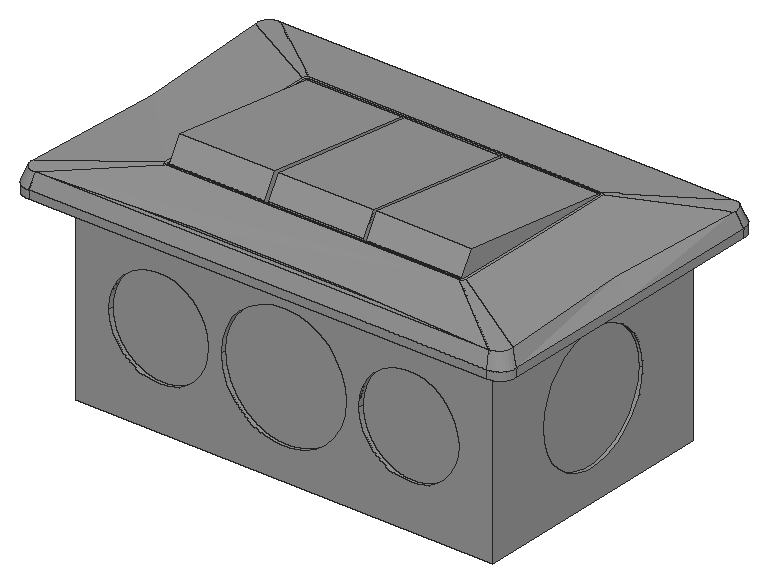
Revit family "PLACA VETO OSLO", category Electrical Fixtures, host Face, Revit 2023
Family settings
  Host = Face
  Round Connector Dimension = Use Diameter
  Part Type = Normal
  OmniClass Number = 23.80.00.00
  OmniClass Title = Electric Power and Lighting
  Cut with Voids When Loaded = No
  Maintain Annotation Orientation = Yes
  Shared = No
  Room Calculation Point = No
Parameters (values of type "Conmutador Triple")
  ZUMBADOR = Tipo = 13  # no
  URL = "https://vetoelectric.com/producto/conmutador-triple-no-neon-balancin-ancho-oslo/"
  Type Image = OSLO_INT_TRIPLE.jpg
  Type Comments = ""
  TVROT SIMB MEX [instance] = and(Tipo = 12, ROTAR SIMBOLO, SIMBOLOGIA_MEXICO, not(or(Multiseleccion, SIMBOLO ESPEJO)))  # no
  TVROT SIMB ECU [instance] = and(Tipo = 12, ROTAR SIMBOLO, SIMBOLOGIA_ECUADOR, not(or(Multiseleccion, SIMBOLO ESPEJO)))  # no
  TVROT SIMB COL [instance] = and(Tipo = 12, ROTAR SIMBOLO, SIMBOLOGIA_COLOMBIA, not(or(Multiseleccion, SIMBOLO ESPEJO)))  # no
  TVESP SIMB MEX [instance] = and(Tipo = 12, SIMBOLO ESPEJO, SIMBOLOGIA_MEXICO, not(or(Multiseleccion, ROTAR SIMBOLO)))  # no
  TVESP SIMB ECU [instance] = and(Tipo = 12, SIMBOLO ESPEJO, SIMBOLOGIA_ECUADOR, not(or(Multiseleccion, ROTAR SIMBOLO)))  # no
  TVESP SIMB COL [instance] = and(Tipo = 12, SIMBOLO ESPEJO, SIMBOLOGIA_COLOMBIA, not(or(Multiseleccion, ROTAR SIMBOLO)))  # no
  TV SIMB MEX [instance] = and(Tipo = 12, SIMBOLOGIA_MEXICO, not(or(Multiseleccion, ROTAR SIMBOLO, SIMBOLO ESPEJO)))  # no
  TV SIMB ECU [instance] = and(Tipo = 12, SIMBOLOGIA_ECUADOR, not(or(Multiseleccion, ROTAR SIMBOLO, SIMBOLO ESPEJO)))  # no
  TV SIMB COL [instance] = and(Tipo = 12, SIMBOLOGIA_COLOMBIA, not(or(Multiseleccion, ROTAR SIMBOLO, SIMBOLO ESPEJO)))  # no
  TV ROTESP SIMB MEX [instance] = and(Tipo = 12, ROTAR SIMBOLO, SIMBOLO ESPEJO, SIMBOLOGIA_MEXICO, not(Multiseleccion))  # no
  TV ROTESP SIMB ECU [instance] = and(Tipo = 12, ROTAR SIMBOLO, SIMBOLO ESPEJO, SIMBOLOGIA_ECUADOR, not(Multiseleccion))  # no
  TV ROTESP SIMB COL [instance] = and(Tipo = 12, ROTAR SIMBOLO, SIMBOLO ESPEJO, SIMBOLOGIA_COLOMBIA, not(Multiseleccion))  # no
  TV = Tipo = 12  # no
  TUBERIA 3/4" = 27 mm
  TUBERIA 1/2" = 21 mm
  TRIPLE = or(Tipo = 3, Tipo = 6)  # yes
  TOMAROT SIMB PARED MEX [instance] = and(Tipo = 8, ROTAR SIMBOLO, SIMBOLOGIA_MEXICO, not(or(Multiseleccion, TOMACORRIENTE EN PISO)))  # no
  TOMAROT SIMB PARED COL [instance] = and(or(Tipo = 8, Tipo = 9, Tipo = 10), ROTAR SIMBOLO, SIMBOLOGIA_COLOMBIA, not(or(Multiseleccion, TOMACORRIENTE EN PISO)))  # no
  TOMAROT GFCI SIMB PARED MEX [instance] = and(Tipo = 9, ROTAR SIMBOLO, SIMBOLOGIA_MEXICO, not(or(Multiseleccion, TOMACORRIENTE EN PISO)))  # no
  TOMACORRIENTE EN PISO [instance] = no
  TOMA SIMB PISO MEX [instance] = and(or(Tipo = 8, Tipo = 9), TOMACORRIENTE EN PISO, SIMBOLOGIA_MEXICO, not(Multiseleccion))  # no
  TOMA SIMB PISO [instance] = and(or(Tipo = 8, Tipo = 9), TOMACORRIENTE EN PISO, or(SIMBOLOGIA_COLOMBIA, SIMBOLOGIA_ECUADOR), not(Multiseleccion))  # no
  TOMA SIMB PARED MEX [instance] = and(Tipo = 8, SIMBOLOGIA_MEXICO, not(or(Multiseleccion, TOMACORRIENTE EN PISO, ROTAR SIMBOLO)))  # no
  TOMA SIMB PARED ECU [instance] = and(or(Tipo = 8, Tipo = 9, Tipo = 10), SIMBOLOGIA_ECUADOR, not(or(Multiseleccion, TOMACORRIENTE EN PISO, ROTAR SIMBOLO)))  # no
  TOMA SIMB PARED COL [instance] = and(or(Tipo = 8, Tipo = 9, Tipo = 10), SIMBOLOGIA_COLOMBIA, not(or(Multiseleccion, TOMACORRIENTE EN PISO, ROTAR SIMBOLO)))  # no
  TOMA MIXTO SIMB PARED MEX [instance] = and(Tipo = 10, SIMBOLOGIA_MEXICO, not(or(Multiseleccion, TOMACORRIENTE EN PISO, ROTAR SIMBOLO)))  # no
  TOMA GFCI SIMB PARED MEX [instance] = and(Tipo = 9, SIMBOLOGIA_MEXICO, not(or(Multiseleccion, TOMACORRIENTE EN PISO, ROTAR SIMBOLO)))  # no
  TOMA GFCI = Tipo = 9  # no
  TOMA DOBLE = Tipo = 8  # no
  TELFROT SIMB ECU [instance] = and(Tipo = 11, ROTAR SIMBOLO, SIMBOLOGIA_ECUADOR, not(or(Multiseleccion, SIMBOLO ESPEJO)))  # no
  TELFROT SIMB COL [instance] = and(Tipo = 11, ROTAR SIMBOLO, SIMBOLOGIA_COLOMBIA, not(or(Multiseleccion, SIMBOLO ESPEJO)))  # no
  TELF SIMB MEX [instance] = and(Tipo = 11, SIMBOLOGIA_MEXICO, not(or(Multiseleccion, ROTAR SIMBOLO)))  # no
  TELF SIMB ECU [instance] = and(Tipo = 11, SIMBOLOGIA_ECUADOR, not(or(Multiseleccion, ROTAR SIMBOLO, SIMBOLO ESPEJO)))  # no
  TELF SIMB COL [instance] = and(Tipo = 11, SIMBOLOGIA_COLOMBIA, not(or(Multiseleccion, ROTAR SIMBOLO, SIMBOLO ESPEJO)))  # no
  TELF ROTESP SIMB ECU [instance] = and(Tipo = 11, ROTAR SIMBOLO, SIMBOLO ESPEJO, SIMBOLOGIA_ECUADOR, not(Multiseleccion))  # no
  TELF ROTESP SIMB COL [instance] = and(Tipo = 11, ROTAR SIMBOLO, SIMBOLO ESPEJO, SIMBOLOGIA_COLOMBIA, not(Multiseleccion))  # no
  TELF ESP SIMB COL [instance] = and(Tipo = 11, SIMBOLO ESPEJO, SIMBOLOGIA_COLOMBIA, not(or(Multiseleccion, ROTAR SIMBOLO)))  # no
  TELEFONO = Tipo = 11  # no
  TEL ESP SIMB ECU [instance] = and(Tipo = 11, SIMBOLO ESPEJO, SIMBOLOGIA_ECUADOR, not(or(Multiseleccion, ROTAR SIMBOLO)))  # no
  SIMBOLO ESPEJO [instance] = no
  SIMB CAJA MEX [instance] = and(Tipo = 14, SIMBOLOGIA_MEXICO, not(Multiseleccion))  # no
  SIMB CAJA [instance] = and(Tipo = 14, or(SIMBOLOGIA_COLOMBIA, SIMBOLOGIA_ECUADOR), not(Multiseleccion))  # no
  SERIE = "OSLO"
  RADIO_4 = 3.0 mm
  RADIO_3 = 0.5 mm
  PLACA PERFORADA = not(Tipo = 14)  # yes
  PLACA MIXTA TOMA = Tipo = 10  # no
  PLACA MIXTA INT = or(Tipo = 10, Tipo = 2, Tipo = 5)  # no
  PLACA CIEGA = Tipo = 14  # no
  ONMICLASS = "23.35.37.00"
  OFFSET_3 = 2.5 mm
  OFFSET_1 = 1.0 mm
  MARCA = "VETO"
  Keynote = "EMPOTRABLE"
  Instrucciones = "Seleccione normativa de un país; solo símbolos con letras pueden rotarse en planta y espejo en vista lateral o corte; tomacorrientes doble y GFCI permiten “en piso”; si no se cumplen reglas no aparecen en detalle bajo; cada subfamilia compartida tiene su puerto eléctrico y permite por ejemplo que la placa de tres interruptores tenga tres ID de interruptor (usar TAB para seleccionar); puertos conduit Ø21=½” y Ø27=¾”; en listados use “INCLUIR EN LISTADO” para filtrar elementos no deseados. Los símbolos son hechos con componente de detalle y no cambian su escala con la escala de la vista. Si se desea escalarlos se lo debe hacer dentro de la subfamilia."
  INT SIMB MIXTO ECU [instance] = and(Tipo = 10, SIMBOLOGIA_ECUADOR, not(Multiseleccion))  # no
  ESPESOR_2 = 3.5 mm
  ESPESOR_1 = 2.0 mm
  CONECTOR SIMPLE = or(Tipo = 1, Tipo = 4, Tipo = 7, Tipo = 14)  # no
  CON CAJETIN [instance] = yes
  SIMPLE = or(Tipo = 1, Tipo = 4, Tipo = 7)  # no
  SIMBOLOGIA_MEXICO = no
  SIMB TIMBRE MEX [instance] = and(Tipo = 7, SIMBOLOGIA_MEXICO, not(Multiseleccion))  # no
  ROTAR SIMBOLO [instance] = no
  INT SIMB TRIPLE MEX [instance] = and(or(Tipo = 3, Tipo = 10), SIMBOLOGIA_MEXICO, not(Multiseleccion))  # no
  INT SIMB TRIPLE ECU [instance] = and(Tipo = 3, SIMBOLOGIA_ECUADOR, not(Multiseleccion))  # no
  INT SIMB TRIPLE COL [instance] = and(or(Tipo = 3, Tipo = 10), SIMBOLOGIA_COLOMBIA, not(Multiseleccion))  # no
  SIMB TIMBRE [instance] = and(Tipo = 7, or(SIMBOLOGIA_ECUADOR, SIMBOLOGIA_COLOMBIA), not(Multiseleccion))  # no
  INT SIMB SIMPLE MEX [instance] = and(or(Tipo = 1, Tipo = 2, Tipo = 3), SIMBOLOGIA_MEXICO, not(Multiseleccion))  # no
  INT SIMB SIMPLE ECU [instance] = and(Tipo = 1, SIMBOLOGIA_ECUADOR, not(Multiseleccion))  # no
  INT SIMB SIMPLE COL [instance] = and(or(Tipo = 1, Tipo = 2, Tipo = 3), SIMBOLOGIA_COLOMBIA, not(Multiseleccion))  # no
  INT SIMB DOBLE MEX [instance] = and(or(Tipo = 2, Tipo = 3), SIMBOLOGIA_MEXICO, not(Multiseleccion))  # no
  INT SIMB DOBLE ECU [instance] = and(Tipo = 2, SIMBOLOGIA_ECUADOR, not(Multiseleccion))  # no
  INT SIMB DOBLE COL [instance] = and(or(Tipo = 2, Tipo = 3), SIMBOLOGIA_COLOMBIA, not(Multiseleccion))  # no
  SEP = 30.0 mm
  R_C_3/4 = 15.0 mm
  R_C_1/2 = 12.0 mm
  RADIO_1 = 4.0 mm
  RADIO_2 = 0.8 mm
  OFFSET = 0.5 mm
  Multiseleccion = or(and(SIMBOLOGIA_COLOMBIA, SIMBOLOGIA_ECUADOR), and(SIMBOLOGIA_MEXICO, SIMBOLOGIA_ECUADOR), and(SIMBOLOGIA_COLOMBIA, SIMBOLOGIA_MEXICO))  # no
  Model = "PLACA CONMUTADOR TRIPLE"
  Manufacturer = "KIEME"
  MATERIAL_1 = LATON
  MATERIAL_2 = TERMOPOLIMERO BLANCO
  PLACA - LONGITUD = 118.0 mm
  SIMBOLOGIA_ECUADOR = no
  SIMBOLOGIA_COLOMBIA = yes
  Description = ""
  COM SIMB TRIPLE MEX [instance] = and(Tipo = 6, SIMBOLOGIA_MEXICO, not(Multiseleccion))  # no
  COM SIMB TRIPLE ECU [instance] = and(Tipo = 6, SIMBOLOGIA_ECUADOR, not(Multiseleccion))  # no
  COM SIMB TRIPLE COL [instance] = and(Tipo = 6, SIMBOLOGIA_COLOMBIA, not(Multiseleccion))  # yes
  COM SIMB SIMPLE MEX [instance] = and(or(Tipo = 4, Tipo = 5, Tipo = 6), SIMBOLOGIA_MEXICO, not(Multiseleccion))  # no
  COM SIMB SIMPLE ECU [instance] = and(Tipo = 4, SIMBOLOGIA_ECUADOR, not(Multiseleccion))  # no
  COM SIMB SIMPLE COL [instance] = and(or(Tipo = 4, Tipo = 5, Tipo = 6), SIMBOLOGIA_COLOMBIA, not(Multiseleccion))  # yes
  COM SIMB DOBLE MEX [instance] = and(or(Tipo = 5, Tipo = 6), SIMBOLOGIA_MEXICO, not(Multiseleccion))  # no
  COM SIMB DOBLE ECU [instance] = and(Tipo = 5, SIMBOLOGIA_ECUADOR, not(Multiseleccion))  # no
  COM SIMB DOBLE COL [instance] = and(or(Tipo = 5, Tipo = 6), SIMBOLOGIA_COLOMBIA, not(Multiseleccion))  # yes
  COLOR = "BLANCO"
  CAJETIN - PROFUNDIDAD [instance] = 45.0 mm
  CAJETIN - LONGITUD [instance] = 100.0 mm
  CAJETIN - ANCHO [instance] = 60.0 mm
  ABERTURA - LONGITUD = 71.0 mm
  Tipo = 6
  PLACA - ESPESOR = 7.0 mm
  CAJETIN - ESPESOR = 2.0 mm
  Default Elevation = 1200.0 mm
  DOBLE = or(Tipo = 2, Tipo = 5)  # no
  PLACA - ANCHO = 76.0 mm
  ABERTURA - ANCHO = 42.0 mm
Reference planes
  plane 1 "Center (Front/Back)": y = 0
  plane 2: z = 0
  plane 3 "Center (Left/Right)": x = 0
  plane 4: x = -50
  plane 5: x = 50
  plane 6: y = -30
  plane 7: y = 30
  plane 8: z = -45
  plane 9: y = 28
  plane 10: x = 48
  plane 11: x = -48
  plane 12: y = -28
  plane 13: z = -43
  plane 14: y = -29
  plane 15: x = 2.751
  plane 16: z = -22.5
  plane 17: x = 49
  plane 18: x = -49
  plane 19: y = 29
  plane 20: z = -44
  plane 21: x = -59
  plane 22: x = 59
  plane 23: y = 38
  plane 24: y = -38
  plane 25: z = 2
  plane 26: y = 37
  plane 27: x = 58
  plane 28: x = -58
  plane 29: y = -37
  plane 30 "PLANO 1": z = 5.5
  plane 31: y = 21
  plane 32: y = -21
  plane 33: x = 35.5
  plane 34: x = -35.5
  plane 35: y = 21.5
  plane 36: y = -21.5
  plane 37: through (0, -35, 8) normal (0, -0.8944, 0.4472)
  plane 38: through (0, 35, 8) normal (0, -0.8944, -0.4472)
  plane 39: x = -36
  plane 40: x = 36
  plane 41: z = 7
  plane 42: x = -30
  plane 43: x = 30
  plane 44: x = 35
  plane 45: x = -35
  plane 46 "Plano2": x = 279
  plane 47 "Plano3": x = -279
  plane 48: z = 155.811
  plane 49: y = -218
  plane 50: y = 218
  plane 51: through (0, 0, 108) normal (0, 0.6428, -0.766)
  plane 52: x = 419
  plane 53: y = -418
  plane 54: y = 418
  plane 55: x = -419
  plane 56: through (0, 0, 108) normal (0, -0.766, -0.6428)
Forms (mm)
  Extrusion 1, solid, material "LATON" <- "MATERIAL_1", visible <- "CON CAJETIN", detail levels medium+fine
    sketch origin (30, 0, 0) x (1, 0, 0) y (0, 1, 0)
      loop
        line (-80, 30) -> (-80, -30) -> (20, -30) -> (20, 30) -> (-80, 30)
    from 0 to -45
  Extrusion 2, void
    sketch origin (2.751, 0, 0) x (1, 0, 0) y (0, 0, 1)
      loop
        circle (-2.751, -22.5) r 15
      loop
        circle (27.249, -22.5) r 12
      loop
        circle (-32.751, -22.5) r 12
    from 29 to 30
  Extrusion 3, void
    sketch origin (2.751, 0, 0) x (1, 0, 0) y (0, 0, -1)
      loop
        circle (-2.751, 22.5) r 15
      loop
        circle (27.249, 22.5) r 12
      loop
        circle (-32.751, 22.5) r 12
    from 29 to 30
  Extrusion 4, void
    sketch origin (0, 0, 0) x (1, 0, 0) y (0, 1, 0)
      loop
        line (-48, 28) -> (-48, -28) -> (48, -28) -> (48, 28) -> (-48, 28)
    from -43 to 0
  Extrusion 5, void
    sketch origin (0, 0, 0) x (0, 1, 0) y (0, 0, 1)
      loop
        circle (0, -22.5) r 15
    from 49 to 50
  Extrusion 6, void
    sketch origin (0, 0, 0) x (0, 1, 0) y (0, 0, -1)
      loop
        circle (0, 22.5) r 15
    from 49 to 50
  Extrusion 7, solid, material "TERMOPOLIMERO BLANCO" <- "MATERIAL_2", visible <- "PLACA PERFORADA", detail levels medium+fine
    sketch origin (0, 0, 0) x (1, 0, 0) y (0, 1, 0)
      loop
        arc (-55, 38) -> (-57.828, 36.828) -> (-59, 34) r 4
        line (-59, 34) -> (-59, -34)
        arc (-59, -34) -> (-57.828, -36.828) -> (-55, -38) r 4
        line (-55, -38) -> (55, -38)
        arc (55, -38) -> (57.828, -36.828) -> (59, -34) r 4
        line (59, -34) -> (59, 34)
        arc (59, 34) -> (57.828, 36.828) -> (55, 38) r 4
        line (55, 38) -> (-55, 38)
    from 0 to 2
  Blend 8, solid, material "TERMOPOLIMERO BLANCO" <- "MATERIAL_2", visible <- "PLACA PERFORADA", detail levels medium+fine
    base sketch origin (0, 0, 14.876) x (1, 0, 0) y (0, 1, 0)
      loop
        arc (-55, 38) -> (-57.828, 36.828) -> (-59, 34) r 4
        line (-59, 34) -> (-59, -34)
        arc (-59, -34) -> (-57.828, -36.828) -> (-55, -38) r 4
        line (-55, -38) -> (55, -38)
        arc (55, -38) -> (57.828, -36.828) -> (59, -34) r 4
        line (59, -34) -> (59, 34)
        arc (59, 34) -> (57.828, 36.828) -> (55, 38) r 4
        line (55, 38) -> (-55, 38)
    top sketch origin (0, 0, 0) x (1, 0, 0) y (0, 1, 0)
      loop
        arc (54.308, 36.691) -> (0, 34.5) -> (-54.308, 36.691) r 674.05
        arc (-54.308, 36.691) -> (-56.714, 35.779) -> (-57.528, 33.338) r 3
        arc (-57.528, 33.338) -> (-55.5, 0) -> (-57.528, -33.338) r 275.05
        arc (-57.528, -33.338) -> (-56.714, -35.779) -> (-54.308, -36.691) r 3
        arc (-54.308, -36.691) -> (0, -34.5) -> (54.308, -36.691) r 674.05
        arc (54.308, -36.691) -> (56.714, -35.779) -> (57.528, -33.338) r 3
        arc (57.528, -33.338) -> (55.5, 0) -> (57.528, 33.338) r 275.05
        arc (57.528, 33.338) -> (56.714, 35.779) -> (54.308, 36.691) r 3
    from -12.876 to 5.5
  Extrusion 9, void
    sketch origin (0, 0, 0) x (1, 0, 0) y (0, 1, 0)
      loop
        arc (-35, 21) -> (-35.354, 20.854) -> (-35.5, 20.5) r 0.5
        line (-35.5, 20.5) -> (-35.5, -20.5)
        arc (-35.5, -20.5) -> (-35.354, -20.854) -> (-35, -21) r 0.5
        line (-35, -21) -> (35, -21)
        arc (35, -21) -> (35.354, -20.854) -> (35.5, -20.5) r 0.5
        line (35.5, -20.5) -> (35.5, 20.5)
        arc (35.5, 20.5) -> (35.354, 20.854) -> (35, 21) r 0.5
        line (35, 21) -> (-35, 21)
    from 0 to 7
  Extrusion 10, void
    sketch origin (0, 0, 0) x (1, 0, 0) y (0, 1, 0)
      loop
        circle (0, 0) r 13.5
      loop
        circle (-30, 0) r 10.5
      loop
        circle (30, 0) r 10.5
    from -45 to -44
  Blend 11, solid, material "TERMOPOLIMERO BLANCO" <- "MATERIAL_2", visible <- "PLACA PERFORADA", detail levels medium+fine
    base sketch origin (0, 0, 5.5) x (1, 0, 0) y (0, 1, 0)
      loop
        arc (-54.308, 36.691) -> (-56.714, 35.779) -> (-57.528, 33.338) r 3
        arc (-57.528, 33.338) -> (-55.5, 0) -> (-57.528, -33.338) r 275.05
        arc (-57.528, -33.338) -> (-56.714, -35.779) -> (-54.308, -36.691) r 3
        arc (-54.308, -36.691) -> (0, -34.5) -> (54.308, -36.691) r 674.05
        arc (54.308, -36.691) -> (56.714, -35.779) -> (57.528, -33.338) r 3
        arc (57.528, -33.338) -> (55.5, 0) -> (57.528, 33.338) r 275.05
        arc (57.528, 33.338) -> (56.714, 35.779) -> (54.308, 36.691) r 3
        arc (54.308, 36.691) -> (0, 34.5) -> (-54.308, 36.691) r 674.05
    top sketch origin (0, 0, 5.5) x (1, 0, 0) y (0, 1, 0)
      loop
        arc (-35.2, 21.5) -> (-35.766, 21.266) -> (-36, 20.7) r 0.8
        line (-36, 20.7) -> (-36, -20.7)
        arc (-36, -20.7) -> (-35.766, -21.266) -> (-35.2, -21.5) r 0.8
        line (-35.2, -21.5) -> (35.2, -21.5)
        arc (35.2, -21.5) -> (35.766, -21.266) -> (36, -20.7) r 0.8
        line (36, -20.7) -> (36, 20.7)
        arc (36, 20.7) -> (35.766, 21.266) -> (35.2, 21.5) r 0.8
        line (35.2, 21.5) -> (-35.2, 21.5)
    from 0 to 1.5
  Extrusion 12, solid, material "TERMOPOLIMERO BLANCO" <- "MATERIAL_2", visible <- "PLACA CIEGA", detail levels medium+fine
    sketch origin (0, 0, 0) x (1, 0, 0) y (0, 1, 0)
      loop
        arc (-55, 38) -> (-57.828, 36.828) -> (-59, 34) r 4
        line (-59, 34) -> (-59, -34)
        arc (-59, -34) -> (-57.828, -36.828) -> (-55, -38) r 4
        line (-55, -38) -> (55, -38)
        arc (55, -38) -> (57.828, -36.828) -> (59, -34) r 4
        line (59, -34) -> (59, 34)
        arc (59, 34) -> (57.828, 36.828) -> (55, 38) r 4
        line (55, 38) -> (-55, 38)
    from 0 to 2
  Blend 13, solid, material "TERMOPOLIMERO BLANCO" <- "MATERIAL_2", visible <- "PLACA CIEGA", detail levels medium+fine
    base sketch origin (0, 0, 14.876) x (1, 0, 0) y (0, 1, 0)
      loop
        arc (-55, 38) -> (-57.828, 36.828) -> (-59, 34) r 4
        line (-59, 34) -> (-59, -34)
        arc (-59, -34) -> (-57.828, -36.828) -> (-55, -38) r 4
        line (-55, -38) -> (55, -38)
        arc (55, -38) -> (57.828, -36.828) -> (59, -34) r 4
        line (59, -34) -> (59, 34)
        arc (59, 34) -> (57.828, 36.828) -> (55, 38) r 4
        line (55, 38) -> (-55, 38)
    top sketch origin (0, 0, 0) x (1, 0, 0) y (0, 1, 0)
      loop
        arc (54.308, 36.691) -> (0, 34.5) -> (-54.308, 36.691) r 674.05
        arc (-54.308, 36.691) -> (-56.714, 35.779) -> (-57.528, 33.338) r 3
        arc (-57.528, 33.338) -> (-55.5, 0) -> (-57.528, -33.338) r 275.05
        arc (-57.528, -33.338) -> (-56.714, -35.779) -> (-54.308, -36.691) r 3
        arc (-54.308, -36.691) -> (0, -34.5) -> (54.308, -36.691) r 674.05
        arc (54.308, -36.691) -> (56.714, -35.779) -> (57.528, -33.338) r 3
        arc (57.528, -33.338) -> (55.5, 0) -> (57.528, 33.338) r 275.05
        arc (57.528, 33.338) -> (56.714, 35.779) -> (54.308, 36.691) r 3
    from -12.876 to 5.5
  Blend 14, solid, material "TERMOPOLIMERO BLANCO" <- "MATERIAL_2", visible <- "PLACA CIEGA", detail levels medium+fine
    base sketch origin (0, 0, 5.5) x (1, 0, 0) y (0, 1, 0)
      loop
        arc (-54.308, 36.691) -> (-56.714, 35.779) -> (-57.528, 33.338) r 3
        arc (-57.528, 33.338) -> (-55.5, 0) -> (-57.528, -33.338) r 275.05
        arc (-57.528, -33.338) -> (-56.714, -35.779) -> (-54.308, -36.691) r 3
        arc (-54.308, -36.691) -> (0, -34.5) -> (54.308, -36.691) r 674.05
        arc (54.308, -36.691) -> (56.714, -35.779) -> (57.528, -33.338) r 3
        arc (57.528, -33.338) -> (55.5, 0) -> (57.528, 33.338) r 275.05
        arc (57.528, 33.338) -> (56.714, 35.779) -> (54.308, 36.691) r 3
        arc (54.308, 36.691) -> (0, 34.5) -> (-54.308, 36.691) r 674.05
    top sketch origin (0, 0, 5.5) x (1, 0, 0) y (0, 1, 0)
      loop
        arc (-35.2, 21.5) -> (-35.766, 21.266) -> (-36, 20.7) r 0.8
        line (-36, 20.7) -> (-36, -20.7)
        arc (-36, -20.7) -> (-35.766, -21.266) -> (-35.2, -21.5) r 0.8
        line (-35.2, -21.5) -> (35.2, -21.5)
        arc (35.2, -21.5) -> (35.766, -21.266) -> (36, -20.7) r 0.8
        line (36, -20.7) -> (36, 20.7)
        arc (36, 20.7) -> (35.766, 21.266) -> (35.2, 21.5) r 0.8
        line (35.2, 21.5) -> (-35.2, 21.5)
    from 0 to 1.5
Cuts and joins
  Extrusion 2, Extrusion 3, Extrusion 4, Extrusion 5, Extrusion 6, Extrusion 10 cuts Extrusion 1
  Extrusion 9 cuts Extrusion 7
  Extrusion 9 cuts Blend 8
  Extrusion 9 cuts Blend 11
  joined: Extrusion 7, Blend 8, Blend 11
  Extrusion 9 cuts Extrusion 12
  joined: Extrusion 12, Blend 13, Blend 14
Lines and regions (mm)
  model lines, visible <- "COM SIMB SIMPLE COL", detail levels coarse
    curve 1: circle (0, 0, 158) r 100 normal (1, 0, 0)
    curve 16: line (0, 147.916, 475.208) -> (0, 190.343, 432.781)
    curve 17: line (0, -147.916, 475.208) -> (0, -190.343, 432.781)
    curve 19: line (0, -147.916, 475.208) -> (0, -42.262, 248.631)
    curve 26: line (0, 42.262, 248.631) -> (0, 147.916, 475.208)
  model lines, visible <- "INT SIMB DOBLE ECU", detail levels coarse
    curve 2: line (0, 147.916, 475.208) -> (0, 93.538, 500.565)
    curve 3: line (0, 126.785, 429.892) -> (0, 72.407, 455.249)
    curve 202: circle (0, 0, 158) r 100 normal (1, 0, 0)
    curve 211: line (0, 147.916, 475.208) -> (0, 42.262, 248.631)
  model lines, visible <- "COM SIMB TRIPLE ECU", detail levels coarse
    curve 4: line (0, 105.655, 384.577) -> (0, 51.276, 409.934)
    curve 12: line (0, 338.074, 248.587) -> (0, 353.603, 190.631)
    curve 14: line (0, 289.778, 235.646) -> (0, 305.307, 177.69)
    curve 15: line (0, 241.481, 222.705) -> (0, 257.011, 164.749)
    curve 22: line (0, 42.262, 248.631) -> (0, 147.916, 475.208)
    curve 25: line (0, 96.593, 183.882) -> (0, 338.074, 248.587)
    curve 206: circle (0, 0, 158) r 100 normal (1, 0, 0)
    curve 207: line (0, 72.407, 455.249) -> (0, 126.785, 429.892)
    curve 209: line (0, 93.538, 500.565) -> (0, 147.916, 475.208)
  model lines, visible <- "INT SIMB SIMPLE ECU", detail levels coarse
    curve 5: line (0, 147.916, 475.208) -> (0, 93.538, 500.565)
    curve 18: line (0, 147.916, 475.208) -> (0, 42.262, 248.631)
    curve 203: circle (0, 0, 158) r 100 normal (1, 0, 0)
  model lines, visible <- "COM SIMB DOBLE ECU", detail levels coarse
    curve 6: line (0, 126.785, 429.892) -> (0, 72.407, 455.249)
    curve 11: line (0, 338.074, 248.587) -> (0, 353.603, 190.631)
    curve 13: line (0, 289.778, 235.646) -> (0, 305.307, 177.69)
    curve 21: line (0, 42.262, 248.631) -> (0, 147.916, 475.208)
    curve 24: line (0, 96.593, 183.882) -> (0, 338.074, 248.587)
    curve 205: circle (0, 0, 158) r 100 normal (1, 0, 0)
    curve 208: line (0, 93.538, 500.565) -> (0, 147.916, 475.208)
  model lines, visible <- "COM SIMB SIMPLE ECU", detail levels coarse
    curve 7: line (0, 147.916, 475.208) -> (0, 93.538, 500.565)
    curve 10: line (0, 338.074, 248.587) -> (0, 353.603, 190.631)
    curve 20: line (0, 42.262, 248.631) -> (0, 147.916, 475.208)
    curve 23: line (0, 96.593, 183.882) -> (0, 338.074, 248.587)
    curve 204: circle (0, 0, 158) r 100 normal (1, 0, 0)
  model lines, visible <- "COM SIMB DOBLE COL", detail levels coarse
    curve 8: circle (279, 0, 158) r 100 normal (1, 0, 0)
    curve 51: line (279, 42.262, 248.631) -> (279, 147.916, 475.208)
    curve 52: line (279, 190.343, 432.781) -> (279, 147.916, 475.208)
    curve 53: line (279, -42.262, 248.631) -> (279, -147.916, 475.208)
    curve 54: line (279, -190.343, 432.781) -> (279, -147.916, 475.208)
  model lines, visible <- "INT SIMB TRIPLE COL", detail levels coarse
    curve 9: circle (-279, 0, 158) r 100 normal (1, 0, 0)
    curve 64: line (-279, 42.262, 248.631) -> (-279, 147.916, 475.208)
  model lines, visible <- "COM SIMB SIMPLE COL", not visible, detail levels coarse
    curve 27: circle (0, 0, 108) r 100 normal (1, 0, 0)
    curve 40: line (0, 147.916, 425.208) -> (0, 190.343, 382.781)
    curve 41: line (0, -147.916, 425.208) -> (0, -190.343, 382.781)
    curve 43: line (0, -147.916, 425.208) -> (0, -42.262, 198.631)
    curve 50: line (0, 42.262, 198.631) -> (0, 147.916, 425.208)
  model lines, visible <- "INT SIMB DOBLE ECU", not visible, detail levels coarse
    curve 28: line (0, 147.916, 425.208) -> (0, 93.538, 450.565)
    curve 29: line (0, 126.785, 379.892) -> (0, 72.407, 405.249)
    curve 218: circle (0, 0, 108) r 100 normal (1, 0, 0)
    curve 227: line (0, 147.916, 425.208) -> (0, 42.262, 198.631)
  model lines, visible <- "COM SIMB TRIPLE ECU", not visible, detail levels coarse
    curve 30: line (0, 105.655, 334.577) -> (0, 51.276, 359.934)
    curve 36: line (0, 338.074, 198.587) -> (0, 353.603, 140.631)
    curve 38: line (0, 289.778, 185.646) -> (0, 305.307, 127.69)
    curve 39: line (0, 241.481, 172.705) -> (0, 257.011, 114.749)
    curve 46: line (0, 42.262, 198.631) -> (0, 147.916, 425.208)
    curve 49: line (0, 96.593, 133.882) -> (0, 338.074, 198.587)
    curve 222: circle (0, 0, 108) r 100 normal (1, 0, 0)
    curve 223: line (0, 72.407, 405.249) -> (0, 126.785, 379.892)
    curve 225: line (0, 93.538, 450.565) -> (0, 147.916, 425.208)
  model lines, visible <- "INT SIMB SIMPLE ECU", not visible, detail levels coarse
    curve 31: line (0, 147.916, 425.208) -> (0, 93.538, 450.565)
    curve 42: line (0, 147.916, 425.208) -> (0, 42.262, 198.631)
    curve 219: circle (0, 0, 108) r 100 normal (1, 0, 0)
  model lines, visible <- "COM SIMB DOBLE ECU", not visible, detail levels coarse
    curve 32: line (0, 126.785, 379.892) -> (0, 72.407, 405.249)
    curve 35: line (0, 338.074, 198.587) -> (0, 353.603, 140.631)
    curve 37: line (0, 289.778, 185.646) -> (0, 305.307, 127.69)
    curve 45: line (0, 42.262, 198.631) -> (0, 147.916, 425.208)
    curve 48: line (0, 96.593, 133.882) -> (0, 338.074, 198.587)
    curve 221: circle (0, 0, 108) r 100 normal (1, 0, 0)
    curve 224: line (0, 93.538, 450.565) -> (0, 147.916, 425.208)
  model lines, visible <- "COM SIMB SIMPLE ECU", not visible, detail levels coarse
    curve 33: line (0, 147.916, 425.208) -> (0, 93.538, 450.565)
    curve 34: line (0, 338.074, 198.587) -> (0, 353.603, 140.631)
    curve 44: line (0, 42.262, 198.631) -> (0, 147.916, 425.208)
    curve 47: line (0, 96.593, 133.882) -> (0, 338.074, 198.587)
    curve 220: circle (0, 0, 108) r 100 normal (1, 0, 0)
  model lines, visible <- "INT SIMB DOBLE COL", detail levels coarse
    curve 55: line (279, 42.262, 248.631) -> (279, 147.916, 475.208)
    curve 56: circle (279, 0, 158) r 100 normal (1, 0, 0)
  model lines, visible <- "COM SIMB DOBLE COL", not visible, detail levels coarse
    curve 57: circle (279, 0, 108) r 100 normal (1, 0, 0)
    curve 58: line (279, 42.262, 198.631) -> (279, 147.916, 425.208)
    curve 59: line (279, 190.343, 382.781) -> (279, 147.916, 425.208)
    curve 60: line (279, -42.262, 198.631) -> (279, -147.916, 425.208)
    curve 61: line (279, -190.343, 382.781) -> (279, -147.916, 425.208)
  model lines, visible <- "INT SIMB DOBLE COL", not visible, detail levels coarse
    curve 62: line (279, 42.262, 198.631) -> (279, 147.916, 425.208)
    curve 63: circle (279, 0, 108) r 100 normal (1, 0, 0)
  model lines, visible <- "COM SIMB TRIPLE COL", detail levels coarse
    curve 65: line (-279, 42.262, 248.631) -> (-279, 147.916, 475.208)
    curve 66: line (-279, 190.343, 432.781) -> (-279, 147.916, 475.208)
    curve 67: line (-279, -42.262, 248.631) -> (-279, -147.916, 475.208)
    curve 68: line (-279, -190.343, 432.781) -> (-279, -147.916, 475.208)
    curve 69: circle (-279, 0, 158) r 100 normal (1, 0, 0)
  model lines, visible <- "INT SIMB TRIPLE COL", not visible, detail levels coarse
    curve 70: circle (-279, 0, 108) r 100 normal (1, 0, 0)
    curve 71: line (-279, 42.262, 198.631) -> (-279, 147.916, 425.208)
  model lines, visible <- "COM SIMB TRIPLE COL", not visible, detail levels coarse
    curve 72: line (-279, 42.262, 198.631) -> (-279, 147.916, 425.208)
    curve 73: line (-279, 190.343, 382.781) -> (-279, 147.916, 425.208)
    curve 74: line (-279, -42.262, 198.631) -> (-279, -147.916, 425.208)
    curve 75: line (-279, -190.343, 382.781) -> (-279, -147.916, 425.208)
    curve 76: circle (-279, 0, 108) r 100 normal (1, 0, 0)
  model lines, visible <- "SIMB TIMBRE", detail levels coarse
    curve 77: circle (0, 0, 158) r 50 normal (1, 0, 0)
    curve 236: circle (0, 0, 158) r 100 normal (1, 0, 0)
  model lines, visible <- "INT SIMB TRIPLE MEX", detail levels coarse
    curve 78: circle (-279, 0, 158) r 100 normal (1, 0, 0)
    curve 82: line (-279, 70.711, 228.711) -> (-279, -70.711, 87.289)
    curve 86: circle (-279, 35.355, 122.645) r 10 normal (1, 0, 0)
    curve 87: circle (-279, -35.355, 193.355) r 10 normal (-1, 0, 0)
  model lines, visible <- "COM SIMB TRIPLE MEX", detail levels coarse
    curve 79: line (-279, -86.603, 108) -> (-279, 0, 158)
    curve 80: line (-279, 0, 158) -> (-279, 0, 258)
    curve 81: line (-279, 86.603, 108) -> (-279, 0, 158)
    curve 83: circle (-279, 0, 98) r 10 normal (1, 0, 0)
    curve 84: circle (-279, -51.962, 188) r 10 normal (1, 0, 0)
    curve 85: circle (-279, 51.962, 188) r 10 normal (1, 0, 0)
    curve 88: circle (-279, 0, 158) r 100 normal (1, 0, 0)
  model lines, visible <- "COM SIMB TRIPLE MEX", not visible, detail levels coarse
    curve 89: line (-279, -86.603, 58) -> (-279, 0, 108)
    curve 90: line (-279, 0, 108) -> (-279, 0, 208)
    curve 91: line (-279, 86.603, 58) -> (-279, 0, 108)
    curve 92: circle (-279, 0, 48) r 10 normal (1, 0, 0)
    curve 93: circle (-279, -51.962, 138) r 10 normal (1, 0, 0)
    curve 94: circle (-279, 51.962, 138) r 10 normal (1, 0, 0)
    curve 95: circle (-279, 0, 108) r 100 normal (1, 0, 0)
  model lines, visible <- "SIMB TIMBRE MEX", not visible, detail levels coarse
    curve 96: circle (-219, 0, 108) r 100 normal (1, 0, 0)
    curve 97: circle (-219, 0, 108) r 30 normal (1, 0, 0)
    curve 238: circle (0, 0, 108) r 30 normal (1, 0, 0)
    curve 239: circle (0, 0, 108) r 100 normal (1, 0, 0)
  model lines, visible <- "INT SIMB TRIPLE MEX", not visible, detail levels coarse
    curve 98: circle (-279, 0, 108) r 100 normal (1, 0, 0)
    curve 99: line (-279, 70.711, 178.711) -> (-279, -70.711, 37.289)
    curve 100: circle (-279, 35.355, 72.645) r 10 normal (1, 0, 0)
    curve 101: circle (-279, -35.355, 143.355) r 10 normal (-1, 0, 0)
  model lines, visible <- "INT SIMB DOBLE MEX", detail levels coarse
    curve 102: circle (279, 0, 158) r 100 normal (1, 0, 0)
    curve 107: line (279, -70.711, 87.289) -> (279, 70.711, 228.711)
    curve 109: circle (279, 35.355, 122.645) r 10 normal (1, 0, 0)
    curve 111: circle (279, -35.355, 193.355) r 10 normal (1, 0, 0)
  model lines, visible <- "COM SIMB DOBLE MEX", detail levels coarse
    curve 103: circle (279, 0, 158) r 100 normal (1, 0, 0)
    curve 104: line (279, -86.603, 108) -> (279, 0, 158)
    curve 105: line (279, 0, 158) -> (279, 0, 258)
    curve 106: line (279, 86.603, 108) -> (279, 0, 158)
    curve 108: circle (279, 51.962, 188) r 10 normal (1, 0, 0)
    curve 110: circle (279, 0, 98) r 10 normal (1, 0, 0)
    curve 112: circle (279, -51.962, 188) r 10 normal (1, 0, 0)
  model lines, visible <- "COM SIMB DOBLE MEX", not visible, detail levels coarse
    curve 113: circle (279, 0, 108) r 100 normal (1, 0, 0)
    curve 114: line (279, -86.603, 58) -> (279, 0, 108)
    curve 115: line (279, 0, 108) -> (279, 0, 208)
    curve 116: line (279, 86.603, 58) -> (279, 0, 108)
    curve 117: circle (279, 51.962, 138) r 10 normal (1, 0, 0)
    curve 118: circle (279, 0, 48) r 10 normal (1, 0, 0)
    curve 119: circle (279, -51.962, 138) r 10 normal (1, 0, 0)
  model lines, visible <- "INT SIMB DOBLE MEX", not visible, detail levels coarse
    curve 120: circle (279, 0, 108) r 100 normal (1, 0, 0)
    curve 121: line (279, -70.711, 37.289) -> (279, 70.711, 178.711)
    curve 122: circle (279, 35.355, 72.645) r 10 normal (1, 0, 0)
    curve 123: circle (279, -35.355, 143.355) r 10 normal (1, 0, 0)
  model lines, visible <- "COM SIMB SIMPLE MEX", detail levels coarse
    curve 124: circle (0, 51.962, 188) r 10 normal (1, 0, 0)
    curve 126: circle (0, 0, 98) r 10 normal (1, 0, 0)
    curve 128: circle (0, -51.962, 188) r 10 normal (1, 0, 0)
    curve 129: line (0, -86.603, 108) -> (0, 0, 158)
    curve 130: line (0, 0, 158) -> (0, 0, 258)
    curve 131: line (0, 86.603, 108) -> (0, 0, 158)
    curve 233: circle (0, 0, 158) r 100 normal (1, 0, 0)
  model lines, visible <- "INT SIMB SIMPLE MEX", detail levels coarse
    curve 125: circle (0, 35.355, 122.645) r 10 normal (1, 0, 0)
    curve 127: circle (0, -35.355, 193.355) r 10 normal (1, 0, 0)
    curve 132: line (0, -70.711, 87.289) -> (0, 70.711, 228.711)
    curve 231: circle (0, 0, 158) r 100 normal (1, 0, 0)
  model lines, visible <- "COM SIMB SIMPLE MEX", not visible, detail levels coarse
    curve 133: circle (0, 51.962, 138) r 10 normal (1, 0, 0)
    curve 134: circle (0, 0, 48) r 10 normal (1, 0, 0)
    curve 135: circle (0, -51.962, 138) r 10 normal (1, 0, 0)
    curve 136: line (0, -86.603, 58) -> (0, 0, 108)
    curve 137: line (0, 0, 108) -> (0, 0, 208)
    curve 138: line (0, 86.603, 58) -> (0, 0, 108)
    curve 234: circle (0, 0, 108) r 100 normal (1, 0, 0)
  model lines, visible <- "INT SIMB SIMPLE MEX", not visible, detail levels coarse
    curve 139: circle (0, 35.355, 72.645) r 10 normal (1, 0, 0)
    curve 140: circle (0, -35.355, 143.355) r 10 normal (1, 0, 0)
    curve 141: line (0, -70.711, 37.289) -> (0, 70.711, 178.711)
    curve 232: circle (0, 0, 108) r 100 normal (1, 0, 0)
  model lines, visible <- "SIMB TIMBRE MEX", detail levels coarse
    curve 142: circle (0, 0, 158) r 30 normal (1, 0, 0)
    curve 235: circle (0, 0, 158) r 100 normal (1, 0, 0)
  model lines, visible <- "TOMA SIMB PARED COL", detail levels coarse
    curve 143: line (0, -40, 66.348) -> (0, -40, 311.348)
    curve 144: line (0, 40, 66.348) -> (0, 40, 311.348)
    curve 150: circle (0, 0, 158) r 100 normal (1, 0, 0)
  model lines, visible <- "TOMACORRIENTE EN PISO", detail levels coarse
    curve 145: line (0, -107.53, 264.609) -> (0, 107.53, 264.609)
    curve 146: line (0, 107.53, 264.609) -> (0, 107.53, 51.391)
    curve 147: line (0, 107.53, 51.391) -> (0, -107.53, 51.391)
    curve 148: line (0, -107.53, 51.391) -> (0, -107.53, 264.609)
    curve 149: circle (0, 0, 158) r 100 normal (1, 0, 0)
    curve 151: line (0, -40, 66.348) -> (0, -40, 249.652)
    curve 152: line (0, 40, 66.348) -> (0, 40, 249.652)
  model lines, visible <- "TOMA SIMB PARED COL", not visible, detail levels coarse
    curve 153: line (0, -40, 16.348) -> (0, -40, 261.348)
    curve 154: line (0, 40, 16.348) -> (0, 40, 261.348)
    curve 155: circle (0, 0, 108) r 100 normal (1, 0, 0)
  model lines, visible <- "TOMACORRIENTE EN PISO", not visible, detail levels coarse
    curve 156: line (0, -107.53, 214.609) -> (0, 107.53, 214.609)
    curve 157: line (0, 107.53, 214.609) -> (0, 107.53, 1.391)
    curve 158: line (0, 107.53, 1.391) -> (0, -107.53, 1.391)
    curve 159: line (0, -107.53, 1.391) -> (0, -107.53, 214.609)
    curve 160: circle (0, 0, 108) r 100 normal (1, 0, 0)
    curve 161: line (0, -40, 16.348) -> (0, -40, 199.652)
    curve 162: line (0, 40, 16.348) -> (0, 40, 199.652)
  model lines, visible <- "TOMA SIMB PARED ECU", detail levels coarse
    curve 163: circle (0, 0, 158) r 100 normal (1, 0, 0)
    curve 164: line (0, -40, 66.348) -> (0, -40, 311.348)
    curve 165: line (0, 40, 66.348) -> (0, 40, 311.348)
  model lines, visible <- "TOMA SIMB PARED ECU", not visible, detail levels coarse
    curve 166: circle (0, 0, 108) r 100 normal (1, 0, 0)
    curve 167: line (0, -40, 16.348) -> (0, -40, 261.348)
    curve 168: line (0, 40, 16.348) -> (0, 40, 261.348)
  model lines, visible <- "TOMA SIMB PARED MEX", detail levels coarse
    curve 169: line (0, -80.149, 294.718) -> (0, 136.718, 77.851)
    curve 170: line (0, -136.718, 238.149) -> (0, 80.149, 21.282)
    curve 171: circle (0, 0, 158) r 100 normal (1, 0, 0)
  model lines, visible <- "TOMA SIMB PARED MEX", not visible, detail levels coarse
    curve 172: line (0, 317.851, 13.718) -> (0, 534.718, -203.149)
    curve 173: line (0, 261.282, -42.851) -> (0, 478.149, -259.718)
    curve 174: circle (0, 398, -123) r 100 normal (1, 0, 0)
  model lines, visible <- "TOMAROT SIMB PARED MEX", detail levels coarse
    curve 175: line (0, -80.149, 294.718) -> (0, 136.718, 77.851)
    curve 176: line (0, -136.718, 238.149) -> (0, 80.149, 21.282)
    curve 177: circle (0, 0, 158) r 100 normal (1, 0, 0)
  model lines, visible <- "TOMAROT SIMB PARED MEX", not visible, detail levels coarse
    curve 178: line (0, 317.851, 13.718) -> (0, 534.718, -203.149)
    curve 179: line (0, 261.282, -42.851) -> (0, 478.149, -259.718)
    curve 180: circle (0, 398, -123) r 100 normal (1, 0, 0)
  model lines, visible <- "TOMA GFCI SIMB PARED MEX", detail levels coarse
    curve 181: line (0, 93.092, 121.477) -> (0, -36.523, 251.092)
    curve 182: line (0, 36.523, 64.908) -> (0, -93.092, 194.523)
    curve 183: circle (0, 0, 158) r 100 normal (1, 0, 0)
  model lines, visible <- "TOMAROT GFCI SIMB PARED MEX", detail levels coarse
    curve 184: line (0, 93.092, 121.477) -> (0, -36.523, 251.092)
    curve 185: line (0, 36.523, 64.908) -> (0, -93.092, 194.523)
    curve 186: circle (0, 0, 158) r 100 normal (1, 0, 0)
  model lines, visible <- "TOMA GFCI SIMB PARED MEX", not visible, detail levels coarse
    curve 187: line (0, 951.258, -160.357) -> (0, 821.643, -30.742)
    curve 188: line (0, 894.69, -216.925) -> (0, 765.075, -87.31)
    curve 189: circle (0, 858.167, -123.833) r 100 normal (1, 0, 0)
  model lines, visible <- "TOMAROT GFCI SIMB PARED MEX", not visible, detail levels coarse
    curve 190: line (0, 951.258, -160.357) -> (0, 821.643, -30.742)
    curve 191: line (0, 894.69, -216.925) -> (0, 765.075, -87.31)
    curve 192: circle (0, 858.167, -123.833) r 100 normal (1, 0, 0)
  model lines, visible <- "TOMA MIXTO SIMB PARED MEX", detail levels coarse
    curve 193: circle (0, 0, 158) r 100 normal (1, 0, 0)
    curve 194: line (0, -36.523, 251.092) -> (0, 93.092, 121.477)
    curve 195: line (0, -93.092, 194.523) -> (0, 36.523, 64.908)
  model lines, visible <- "TOMA MIXTO SIMB PARED MEX", not visible, detail levels coarse
    curve 196: circle (0, 0, 108) r 100 normal (1, 0, 0)
    curve 197: line (0, -36.523, 201.092) -> (0, 93.092, 71.477)
    curve 198: line (0, -93.092, 144.523) -> (0, 36.523, 14.908)
  model lines, visible <- "INT SIMB SIMPLE COL", detail levels coarse
    curve 199: circle (0, 0, 158) r 100 normal (1, 0, 0)
    curve 200: line (0, 42.262, 248.631) -> (0, 147.916, 475.208)
  model lines, visible <- "INT SIMB TRIPLE ECU", detail levels coarse
    curve 201: circle (0, 0, 158) r 100 normal (1, 0, 0)
    curve 210: line (0, 147.916, 475.208) -> (0, 42.262, 248.631)
    curve 212: line (0, 105.655, 384.577) -> (0, 51.276, 409.934)
    curve 213: line (0, 147.916, 475.208) -> (0, 93.538, 500.565)
    curve 214: line (0, 126.785, 429.892) -> (0, 72.407, 455.249)
  model lines, visible <- "INT SIMB SIMPLE COL", not visible, detail levels coarse
    curve 215: circle (0, 0, 108) r 100 normal (1, 0, 0)
    curve 216: line (0, 42.262, 198.631) -> (0, 147.916, 425.208)
  model lines, visible <- "INT SIMB TRIPLE ECU", not visible, detail levels coarse
    curve 217: circle (0, 0, 108) r 100 normal (1, 0, 0)
    curve 226: line (0, 147.916, 425.208) -> (0, 42.262, 198.631)
    curve 228: line (0, 105.655, 334.577) -> (0, 51.276, 359.934)
    curve 229: line (0, 147.916, 425.208) -> (0, 93.538, 450.565)
    curve 230: line (0, 126.785, 379.892) -> (0, 72.407, 405.249)
  model lines, visible <- "SIMB TIMBRE", not visible, detail levels coarse
    curve 237: circle (0, 0, 108) r 50 normal (1, 0, 0)
    curve 240: circle (0, 0, 108) r 100 normal (1, 0, 0)
  model lines, visible <- "TOMAROT SIMB PARED COL", detail levels coarse
    curve 241: circle (0, 0, 158) r 100 normal (1, 0, 0)
    curve 242: line (0, 40, 66.348) -> (0, 40, 311.348)
    curve 243: line (0, -40, 66.348) -> (0, -40, 311.348)
  model lines, visible <- "TOMAROT SIMB PARED COL", not visible, detail levels coarse
    curve 244: circle (0, 0, 108) r 100 normal (1, 0, 0)
    curve 245: line (0, 40, 16.348) -> (0, 40, 261.348)
    curve 246: line (0, -40, 16.348) -> (0, -40, 261.348)
  model lines, visible <- "INT SIMB MIXTO ECU", detail levels coarse
    curve 247: circle (-279, 0, 158) r 100 normal (1, 0, 0)
    curve 248: line (-279, 42.262, 248.631) -> (-279, 147.916, 475.208)
    curve 249: line (-279, 147.916, 475.208) -> (-279, 93.538, 500.565)
  model lines, visible <- "INT SIMB MIXTO ECU", not visible, detail levels coarse
    curve 250: circle (-279, 0, 108) r 100 normal (1, 0, 0)
    curve 251: line (-279, 42.262, 198.631) -> (-279, 147.916, 425.208)
    curve 252: line (-279, 147.916, 425.208) -> (-279, 93.538, 450.565)
  model lines, visible <- "ZUMBADOR", detail levels coarse
    curve 253: line (0, -100, 258) -> (0, 100, 258)
    curve 254: arc (0, -100, 258) -> (0, 0, 158) -> (0, 100, 258) r 100
    curve 255: line (0, -55, 88) -> (0, -55, 174.484)
    curve 256: line (0, 55, 88) -> (0, 55, 174.484)
  model lines, visible <- "ZUMBADOR", not visible, detail levels coarse
    curve 257: line (0, -100, 258) -> (0, 100, 258)
    curve 258: arc (0, -100, 258) -> (0, 0, 158) -> (0, 100, 258) r 100
    curve 259: line (0, -55, 88) -> (0, -55, 174.484)
    curve 260: line (0, 55, 88) -> (0, 55, 174.484)
  model lines, visible <- "TELF SIMB ECU", detail levels coarse
    curve 261: line (0, -80, 238) -> (0, 0, 238)
    curve 262: line (0, 0, 238) -> (0, 0, 78)
    curve 263: line (0, 0, 78) -> (0, -80, 78)
    curve 264: line (0, 0, 158) -> (0, 96, 158)
    curve 265: line (0, 96, 158) -> (0, 96, 78)
  model lines, visible <- "TELFROT SIMB ECU", detail levels coarse
    curve 266: line (0, -80, 238) -> (0, 0, 238)
    curve 267: line (0, 0, 238) -> (0, 0, 78)
    curve 268: line (0, 0, 78) -> (0, -80, 78)
    curve 269: line (0, 0, 158) -> (0, 96, 158)
    curve 270: line (0, 96, 158) -> (0, 96, 78)
  model lines, visible <- "TELF ROTESP SIMB ECU", detail levels coarse
    curve 271: line (0, -80, 238) -> (0, 0, 238)
    curve 272: line (0, 0, 238) -> (0, 0, 78)
    curve 273: line (0, 0, 78) -> (0, -80, 78)
    curve 274: line (0, 0, 158) -> (0, 96, 158)
    curve 275: line (0, 96, 158) -> (0, 96, 78)
    curve 301: line (0, 19.552, 82.818) -> (0, 79.826, 82.818)
    curve 302: line (0, 79.826, 82.818) -> (0, 79.826, 105.671)
    curve 303: line (0, 19.552, 82.818) -> (0, 19.552, 90.352)
    curve 304: line (0, 19.552, 90.352) -> (0, 44.038, 90.352)
    curve 305: line (0, 44.038, 90.352) -> (0, 44.038, 105.671)
    curve 306: line (0, 51.571, 106.854) -> (0, 51.571, 90.352)
    curve 307: line (0, 51.571, 90.352) -> (0, 72.396, 90.352)
    curve 308: line (0, 72.396, 90.352) -> (0, 72.396, 106.854)
    curve 309: spline (0, 79.826, 105.671) -> (0, 79.216, 111.412) -> (0, 77.429, 116.762) -> (0, 74.585, 121.356) -> (0, 70.879, 124.881) -> (0, 66.563, 127.097) -> (0, 61.932, 127.853) -> (0, 57.301, 127.097) -> (0, 52.985, 124.881) -> (0, 49.279, 121.356) -> (0, 46.436, 116.762) -> (0, 44.648, 111.412) -> (0, 44.038, 105.671)
    curve 310: spline (0, 51.571, 106.854) -> (0, 51.925, 110.238) -> (0, 52.966, 113.39) -> (0, 54.62, 116.098) -> (0, 56.777, 118.175) -> (0, 59.288, 119.481) -> (0, 61.983, 119.926) -> (0, 64.678, 119.481) -> (0, 67.19, 118.175) -> (0, 69.346, 116.098) -> (0, 71.001, 113.39) -> (0, 72.041, 110.238) -> (0, 72.396, 106.854)
    curve 341: line (0, 79.826, 29.306) -> (0, 79.826, 76.395)
    curve 342: line (0, 79.826, 76.395) -> (0, 72.292, 76.395)
    curve 343: line (0, 72.292, 76.395) -> (0, 72.292, 56.618)
    curve 344: line (0, 72.292, 56.618) -> (0, 19.552, 56.618)
    curve 345: line (0, 19.552, 56.618) -> (0, 19.552, 49.084)
    curve 346: line (0, 19.552, 49.084) -> (0, 72.292, 49.084)
    curve 347: line (0, 72.292, 49.084) -> (0, 72.292, 29.306)
    curve 348: line (0, 72.292, 29.306) -> (0, 79.826, 29.306)
  model lines, visible <- "TEL ESP SIMB ECU", detail levels coarse
    curve 276: line (0, -80, 238) -> (0, 0, 238)
    curve 277: line (0, 0, 238) -> (0, 0, 78)
    curve 278: line (0, 0, 78) -> (0, -80, 78)
    curve 279: line (0, 0, 158) -> (0, 96, 158)
    curve 280: line (0, 96, 158) -> (0, 96, 78)
    curve 321: line (0, 19.552, 82.818) -> (0, 79.826, 82.818)
    curve 322: line (0, 79.826, 82.818) -> (0, 79.826, 105.671)
    curve 323: line (0, 19.552, 82.818) -> (0, 19.552, 90.352)
    curve 324: line (0, 19.552, 90.352) -> (0, 44.038, 90.352)
    curve 325: line (0, 44.038, 90.352) -> (0, 44.038, 105.671)
    curve 326: line (0, 51.571, 106.854) -> (0, 51.571, 90.352)
    curve 327: line (0, 51.571, 90.352) -> (0, 72.396, 90.352)
    curve 328: line (0, 72.396, 90.352) -> (0, 72.396, 106.854)
    curve 329: spline (0, 79.826, 105.671) -> (0, 79.216, 111.412) -> (0, 77.429, 116.762) -> (0, 74.585, 121.356) -> (0, 70.879, 124.881) -> (0, 66.563, 127.097) -> (0, 61.932, 127.853) -> (0, 57.301, 127.097) -> (0, 52.985, 124.881) -> (0, 49.279, 121.356) -> (0, 46.436, 116.762) -> (0, 44.648, 111.412) -> (0, 44.038, 105.671)
    curve 330: spline (0, 51.571, 106.854) -> (0, 51.925, 110.238) -> (0, 52.966, 113.39) -> (0, 54.62, 116.098) -> (0, 56.777, 118.175) -> (0, 59.288, 119.481) -> (0, 61.983, 119.926) -> (0, 64.678, 119.481) -> (0, 67.19, 118.175) -> (0, 69.346, 116.098) -> (0, 71.001, 113.39) -> (0, 72.041, 110.238) -> (0, 72.396, 106.854)
    curve 349: line (0, 79.826, 29.306) -> (0, 79.826, 76.395)
    curve 350: line (0, 79.826, 76.395) -> (0, 72.292, 76.395)
    curve 351: line (0, 72.292, 76.395) -> (0, 72.292, 56.618)
    curve 352: line (0, 72.292, 56.618) -> (0, 19.552, 56.618)
    curve 353: line (0, 19.552, 56.618) -> (0, 19.552, 49.084)
    curve 354: line (0, 19.552, 49.084) -> (0, 72.292, 49.084)
    curve 355: line (0, 72.292, 49.084) -> (0, 72.292, 29.306)
    curve 356: line (0, 72.292, 29.306) -> (0, 79.826, 29.306)
  model lines, visible <- "TELF SIMB ECU", not visible, detail levels coarse
    curve 281: line (0, 300, 238) -> (0, 380, 238)
    curve 282: line (0, 380, 238) -> (0, 380, 78)
    curve 283: line (0, 380, 78) -> (0, 300, 78)
    curve 284: line (0, 380, 158) -> (0, 476, 158)
    curve 285: line (0, 476, 158) -> (0, 476, 78)
  model lines, visible <- "TELFROT SIMB ECU", not visible, detail levels coarse
    curve 286: line (0, 300, 238) -> (0, 380, 238)
    curve 287: line (0, 380, 238) -> (0, 380, 78)
    curve 288: line (0, 380, 78) -> (0, 300, 78)
    curve 289: line (0, 380, 158) -> (0, 476, 158)
    curve 290: line (0, 476, 158) -> (0, 476, 78)
  model lines, visible <- "TELF ROTESP SIMB ECU", not visible, detail levels coarse
    curve 291: line (0, 300, 238) -> (0, 380, 238)
    curve 292: line (0, 380, 238) -> (0, 380, 78)
    curve 293: line (0, 380, 78) -> (0, 300, 78)
    curve 294: line (0, 380, 158) -> (0, 476, 158)
    curve 295: line (0, 476, 158) -> (0, 476, 78)
    curve 311: line (0, 399.552, 82.818) -> (0, 459.826, 82.818)
    curve 312: line (0, 459.826, 82.818) -> (0, 459.826, 105.671)
    curve 313: line (0, 399.552, 82.818) -> (0, 399.552, 90.352)
    curve 314: line (0, 399.552, 90.352) -> (0, 424.038, 90.352)
    curve 315: line (0, 424.038, 90.352) -> (0, 424.038, 105.671)
    curve 316: line (0, 431.571, 106.854) -> (0, 431.571, 90.352)
    curve 317: line (0, 431.571, 90.352) -> (0, 452.396, 90.352)
    curve 318: line (0, 452.396, 90.352) -> (0, 452.396, 106.854)
    curve 319: spline (0, 459.826, 105.671) -> (0, 459.216, 111.412) -> (0, 457.429, 116.762) -> (0, 454.585, 121.356) -> (0, 450.879, 124.881) -> (0, 446.563, 127.097) -> (0, 441.932, 127.853) -> (0, 437.301, 127.097) -> (0, 432.985, 124.881) -> (0, 429.279, 121.356) -> (0, 426.436, 116.762) -> (0, 424.648, 111.412) -> (0, 424.038, 105.671)
    curve 320: spline (0, 431.571, 106.854) -> (0, 431.925, 110.238) -> (0, 432.966, 113.39) -> (0, 434.62, 116.098) -> (0, 436.777, 118.175) -> (0, 439.288, 119.481) -> (0, 441.983, 119.926) -> (0, 444.678, 119.481) -> (0, 447.19, 118.175) -> (0, 449.346, 116.098) -> (0, 451.001, 113.39) -> (0, 452.041, 110.238) -> (0, 452.396, 106.854)
    curve 357: line (0, 459.826, 29.306) -> (0, 459.826, 76.395)
    curve 358: line (0, 459.826, 76.395) -> (0, 452.292, 76.395)
    curve 359: line (0, 452.292, 76.395) -> (0, 452.292, 56.618)
    curve 360: line (0, 452.292, 56.618) -> (0, 399.552, 56.618)
    curve 361: line (0, 399.552, 56.618) -> (0, 399.552, 49.084)
    curve 362: line (0, 399.552, 49.084) -> (0, 452.292, 49.084)
    curve 363: line (0, 452.292, 49.084) -> (0, 452.292, 29.306)
    curve 364: line (0, 452.292, 29.306) -> (0, 459.826, 29.306)
  model lines, visible <- "TEL ESP SIMB ECU", not visible, detail levels coarse
    curve 296: line (0, 300, 238) -> (0, 380, 238)
    curve 297: line (0, 380, 238) -> (0, 380, 78)
    curve 298: line (0, 380, 78) -> (0, 300, 78)
    curve 299: line (0, 380, 158) -> (0, 476, 158)
    curve 300: line (0, 476, 158) -> (0, 476, 78)
    curve 331: line (0, 399.552, 82.818) -> (0, 459.826, 82.818)
    curve 332: line (0, 459.826, 82.818) -> (0, 459.826, 105.671)
    curve 333: line (0, 399.552, 82.818) -> (0, 399.552, 90.352)
    curve 334: line (0, 399.552, 90.352) -> (0, 424.038, 90.352)
    curve 335: line (0, 424.038, 90.352) -> (0, 424.038, 105.671)
    curve 336: line (0, 431.571, 106.854) -> (0, 431.571, 90.352)
    curve 337: line (0, 431.571, 90.352) -> (0, 452.396, 90.352)
    curve 338: line (0, 452.396, 90.352) -> (0, 452.396, 106.854)
    curve 339: spline (0, 459.826, 105.671) -> (0, 459.216, 111.412) -> (0, 457.429, 116.762) -> (0, 454.585, 121.356) -> (0, 450.879, 124.881) -> (0, 446.563, 127.097) -> (0, 441.932, 127.853) -> (0, 437.301, 127.097) -> (0, 432.985, 124.881) -> (0, 429.279, 121.356) -> (0, 426.436, 116.762) -> (0, 424.648, 111.412) -> (0, 424.038, 105.671)
    curve 340: spline (0, 431.571, 106.854) -> (0, 431.925, 110.238) -> (0, 432.966, 113.39) -> (0, 434.62, 116.098) -> (0, 436.777, 118.175) -> (0, 439.288, 119.481) -> (0, 441.983, 119.926) -> (0, 444.678, 119.481) -> (0, 447.19, 118.175) -> (0, 449.346, 116.098) -> (0, 451.001, 113.39) -> (0, 452.041, 110.238) -> (0, 452.396, 106.854)
    curve 365: line (0, 459.826, 29.306) -> (0, 459.826, 76.395)
    curve 366: line (0, 459.826, 76.395) -> (0, 452.292, 76.395)
    curve 367: line (0, 452.292, 76.395) -> (0, 452.292, 56.618)
    curve 368: line (0, 452.292, 56.618) -> (0, 399.552, 56.618)
    curve 369: line (0, 399.552, 56.618) -> (0, 399.552, 49.084)
    curve 370: line (0, 399.552, 49.084) -> (0, 452.292, 49.084)
    curve 371: line (0, 452.292, 49.084) -> (0, 452.292, 29.306)
    curve 372: line (0, 452.292, 29.306) -> (0, 459.826, 29.306)
  model lines, visible <- "TELF ESP SIMB COL", detail levels coarse
    curve 373: line (0, 16.898, 244.879) -> (0, 77.172, 244.879)
    curve 374: line (0, 77.172, 244.879) -> (0, 77.172, 267.732)
    curve 375: line (0, 16.898, 244.879) -> (0, 16.898, 252.414)
    curve 376: line (0, 16.898, 252.414) -> (0, 41.384, 252.414)
    curve 377: line (0, 41.384, 252.414) -> (0, 41.384, 267.732)
    curve 378: line (0, 48.916, 268.916) -> (0, 48.916, 252.414)
    curve 379: line (0, 48.916, 252.414) -> (0, 69.742, 252.414)
    curve 380: line (0, 69.742, 252.414) -> (0, 69.742, 268.916)
    curve 381: spline (0, 77.172, 267.732) -> (0, 76.562, 273.474) -> (0, 74.774, 278.824) -> (0, 71.931, 283.418) -> (0, 68.225, 286.943) -> (0, 63.909, 289.159) -> (0, 59.278, 289.915) -> (0, 54.647, 289.159) -> (0, 50.331, 286.943) -> (0, 46.625, 283.418) -> (0, 43.781, 278.824) -> (0, 41.994, 273.474) -> (0, 41.384, 267.732)
    curve 382: spline (0, 48.916, 268.916) -> (0, 49.271, 272.299) -> (0, 50.311, 275.452) -> (0, 51.966, 278.159) -> (0, 54.123, 280.237) -> (0, 56.634, 281.542) -> (0, 59.329, 281.988) -> (0, 62.024, 281.542) -> (0, 64.535, 280.237) -> (0, 66.692, 278.159) -> (0, 68.347, 275.452) -> (0, 69.387, 272.299) -> (0, 69.742, 268.916)
    curve 383: line (0, 77.172, 191.368) -> (0, 77.172, 238.457)
    curve 384: line (0, 77.172, 238.457) -> (0, 69.637, 238.457)
    curve 385: line (0, 69.637, 238.457) -> (0, 69.637, 218.679)
    curve 386: line (0, 69.637, 218.679) -> (0, 16.898, 218.679)
    curve 387: line (0, 16.898, 218.679) -> (0, 16.898, 211.145)
    curve 388: line (0, 16.898, 211.145) -> (0, 69.637, 211.145)
    curve 389: line (0, 69.637, 211.145) -> (0, 69.637, 191.368)
    curve 390: line (0, 69.637, 191.368) -> (0, 77.172, 191.368)
    curve 421: line (0, -80, 78) -> (0, -80, 158)
    curve 422: line (0, -80, 158) -> (0, 80, 158)
    curve 423: line (0, 80, 158) -> (0, 80, 78)
    curve 424: line (0, 0, 254) -> (0, 0, 158)
  model lines, visible <- "TELF ROTESP SIMB COL", detail levels coarse
    curve 391: line (0, 16.898, 244.879) -> (0, 77.172, 244.879)
    curve 392: line (0, 77.172, 244.879) -> (0, 77.172, 267.732)
    curve 393: line (0, 16.898, 244.879) -> (0, 16.898, 252.414)
    curve 394: line (0, 16.898, 252.414) -> (0, 41.384, 252.414)
    curve 395: line (0, 41.384, 252.414) -> (0, 41.384, 267.732)
    curve 396: line (0, 48.916, 268.916) -> (0, 48.916, 252.414)
    curve 397: line (0, 48.916, 252.414) -> (0, 69.742, 252.414)
    curve 398: line (0, 69.742, 252.414) -> (0, 69.742, 268.916)
    curve 399: spline (0, 77.172, 267.732) -> (0, 76.562, 273.474) -> (0, 74.774, 278.824) -> (0, 71.931, 283.418) -> (0, 68.225, 286.943) -> (0, 63.909, 289.159) -> (0, 59.278, 289.915) -> (0, 54.647, 289.159) -> (0, 50.331, 286.943) -> (0, 46.625, 283.418) -> (0, 43.781, 278.824) -> (0, 41.994, 273.474) -> (0, 41.384, 267.732)
    curve 400: spline (0, 48.916, 268.916) -> (0, 49.271, 272.299) -> (0, 50.311, 275.452) -> (0, 51.966, 278.159) -> (0, 54.123, 280.237) -> (0, 56.634, 281.542) -> (0, 59.329, 281.988) -> (0, 62.024, 281.542) -> (0, 64.535, 280.237) -> (0, 66.692, 278.159) -> (0, 68.347, 275.452) -> (0, 69.387, 272.299) -> (0, 69.742, 268.916)
    curve 401: line (0, 77.172, 191.368) -> (0, 77.172, 238.457)
    curve 402: line (0, 77.172, 238.457) -> (0, 69.637, 238.457)
    curve 403: line (0, 69.637, 238.457) -> (0, 69.637, 218.679)
    curve 404: line (0, 69.637, 218.679) -> (0, 16.898, 218.679)
    curve 405: line (0, 16.898, 218.679) -> (0, 16.898, 211.145)
    curve 406: line (0, 16.898, 211.145) -> (0, 69.637, 211.145)
    curve 407: line (0, 69.637, 211.145) -> (0, 69.637, 191.368)
    curve 408: line (0, 69.637, 191.368) -> (0, 77.172, 191.368)
    curve 417: line (0, -80, 78) -> (0, -80, 158)
    curve 418: line (0, -80, 158) -> (0, 80, 158)
    curve 419: line (0, 80, 158) -> (0, 80, 78)
    curve 420: line (0, 0, 254) -> (0, 0, 158)
  model lines, visible <- "TELF SIMB COL", detail levels coarse
    curve 409: line (0, -80, 78) -> (0, -80, 158)
    curve 410: line (0, -80, 158) -> (0, 80, 158)
    curve 411: line (0, 80, 158) -> (0, 80, 78)
    curve 412: line (0, 0, 254) -> (0, 0, 158)
  model lines, visible <- "TELFROT SIMB COL", detail levels coarse
    curve 413: line (0, -80, 78) -> (0, -80, 158)
    curve 414: line (0, -80, 158) -> (0, 80, 158)
    curve 415: line (0, 80, 158) -> (0, 80, 78)
    curve 416: line (0, 0, 254) -> (0, 0, 158)
  model lines, visible <- "TELF ESP SIMB COL", not visible, detail levels coarse
    curve 425: line (0, 16.898, 244.879) -> (0, 77.172, 244.879)
    curve 426: line (0, 77.172, 244.879) -> (0, 77.172, 267.732)
    curve 427: line (0, 16.898, 244.879) -> (0, 16.898, 252.414)
    curve 428: line (0, 16.898, 252.414) -> (0, 41.384, 252.414)
    curve 429: line (0, 41.384, 252.414) -> (0, 41.384, 267.732)
    curve 430: line (0, 48.916, 268.916) -> (0, 48.916, 252.414)
    curve 431: line (0, 48.916, 252.414) -> (0, 69.742, 252.414)
    curve 432: line (0, 69.742, 252.414) -> (0, 69.742, 268.916)
    curve 433: spline (0, 77.172, 267.732) -> (0, 76.562, 273.474) -> (0, 74.774, 278.824) -> (0, 71.931, 283.418) -> (0, 68.225, 286.943) -> (0, 63.909, 289.159) -> (0, 59.278, 289.915) -> (0, 54.647, 289.159) -> (0, 50.331, 286.943) -> (0, 46.625, 283.418) -> (0, 43.781, 278.824) -> (0, 41.994, 273.474) -> (0, 41.384, 267.732)
    curve 434: spline (0, 48.916, 268.916) -> (0, 49.271, 272.299) -> (0, 50.311, 275.452) -> (0, 51.966, 278.159) -> (0, 54.123, 280.237) -> (0, 56.634, 281.542) -> (0, 59.329, 281.988) -> (0, 62.024, 281.542) -> (0, 64.535, 280.237) -> (0, 66.692, 278.159) -> (0, 68.347, 275.452) -> (0, 69.387, 272.299) -> (0, 69.742, 268.916)
    curve 435: line (0, 77.172, 191.368) -> (0, 77.172, 238.457)
    curve 436: line (0, 77.172, 238.457) -> (0, 69.637, 238.457)
    curve 437: line (0, 69.637, 238.457) -> (0, 69.637, 218.679)
    curve 438: line (0, 69.637, 218.679) -> (0, 16.898, 218.679)
    curve 439: line (0, 16.898, 218.679) -> (0, 16.898, 211.145)
    curve 440: line (0, 16.898, 211.145) -> (0, 69.637, 211.145)
    curve 441: line (0, 69.637, 211.145) -> (0, 69.637, 191.368)
    curve 442: line (0, 69.637, 191.368) -> (0, 77.172, 191.368)
    curve 473: line (0, -80, 78) -> (0, -80, 158)
    curve 474: line (0, -80, 158) -> (0, 80, 158)
    curve 475: line (0, 80, 158) -> (0, 80, 78)
    curve 476: line (0, 0, 254) -> (0, 0, 158)
